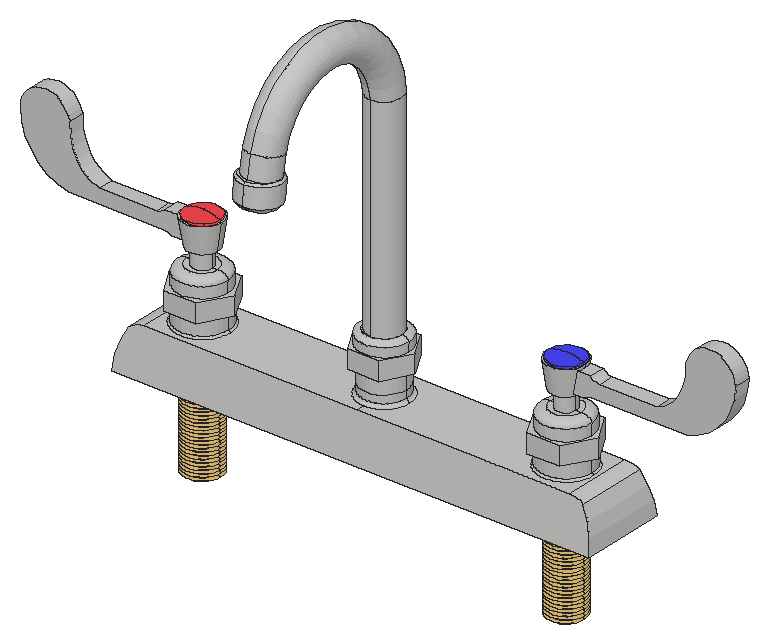
Revit family "15-525L-W-E2", category Specialty Equipment, Revit 2018
Family settings
  Round Connector Dimension = Use Diameter
  Part Type = Normal
  OmniClass Number = 23.45.05.14
  OmniClass Title = Plumbing Fixtures - Sanitary Washing Units
  Work Plane-Based = No
  Always vertical = Yes
  Cut with Voids When Loaded = No
  Shared = No
  Room Calculation Point = No
Parameters
  Plumbing Remarks = ""
  Plumbing Connection Type = ""
  Model = "15-525L-W-E2"
  Masterspec = ""
  Manufacturer = "Krowne Metal"
  Item Number = ""
  Inlet = 1/2"
  Hot Water Temperature = 100 °F
  Hot Water Size = 1/2"
  Hot Water RI Height = 0"
  Hot Water Flow = 0.5 GPM
  Hot Water Connection Height = 0"
  Description = "8\" Deck Mount Faucet with 3-1/2\" Wide Gooseneck Spout & Vandal Resistant Wrist Blades Handles"
  Cold Water Size = 1/2"
  Cold Water RI Height = 0"
  Cold Water Flow = 0.5 GPM
  Cold Water Connection Height = 0"
  Assembly Code = "D2010400"
Reference planes (in)
  plane 1 "Center (Front/Back)": y = 0
  plane 2: z = 0
  plane 3 "Center (Left/Right)": x = 0
  plane 4: x = 4
  plane 5: x = -4
  plane 6: y = -3.5
  plane 7: z = 8.75
  plane 8: z = -1.96837
  plane 9: z = 0.98419
  plane 10: z = 6.25
Forms (in)
  Revolve 1, solid, material "Metal- Brass-Chrome Plated Brass"
    sketch origin (0, 0, 0) x (1, 0, 0) y (0, 0, 1)
      loop
        line (-4.40555, 0) -> (-4.40555, -0.07126) -> (-4.34472, -0.10694) -> (-4.4068, -0.14263) -> (-4.34454, -0.17829) -> (-4.40653, -0.21416) -> (-4.34468, -0.24977) -> (-4.4063, -0.28542) -> (-4.34472, -0.32111) -> (-4.40653, -0.35696) -> (-4.34444, -0.39251) -> (-4.40655, -0.42833) -> (-4.3436, -0.46332) -> (-4.40555, -0.49916) -> (-4.34444, -0.53553) -> (-4.40555, -0.57083) -> (-4.34491, -0.60683) -> (-4.40679, -0.64264) -> (-4.34468, -0.67837) -> (-4.40629, -0.71402) -> (-4.34444, -0.74974) -> (-4.40612, -0.78527) -> (-4.34472, -0.82111) -> (-4.40653, -0.85696) -> (-4.34444, -0.89251) -> (-4.40634, -0.92821) -> (-4.34361, -0.96333) -> (-4.40652, -0.99973) -> (-4.34444, -1.03528) -> (-4.4061, -1.07083) -> (-4.3436, -1.10609) -> (-4.40652, -1.14249) -> (-4.34472, -1.17834) -> (-4.40653, -1.21389) -> (-4.34444, -1.24972) -> (-4.40677, -1.28542) -> (-4.34472, -1.32111) -> (-4.40555, -1.35608) -> (-4.34444, -1.39251) -> (-4.40629, -1.42818) -> (-4.34472, -1.46391) -> (-4.40677, -1.49958) -> (-4.34465, -1.53532) -> (-4.40607, -1.57086) -> (-4.34472, -1.60668) -> (-4.40653, -1.64249) -> (-4.34465, -1.67811) -> (-4.40555, -1.71445) -> (-4.34444, -1.74944) -> (-4.40653, -1.78529) -> (-4.34444, -1.82084) -> (-4.40555, -1.85609) -> (-4.34444, -1.89224) -> (-4.40629, -1.92819) -> (-4.33703, -1.96837) -> (-4, -1.96837) -> (-4, 0) -> (-4.40555, 0)
      axis (-4, 0) -> (-4, -1.96837)
    angle from 0 to 360
  Revolve 2, solid, material "Metal- Brass-Chrome Plated Brass"
    sketch origin (4, 0, 0) x (1, 0, 0) y (0, 0, 1)
      loop
        line (-0.40555, 0) -> (-0.40555, -0.07126) -> (-0.34472, -0.10694) -> (-0.4068, -0.14263) -> (-0.34454, -0.17829) -> (-0.40653, -0.21416) -> (-0.34468, -0.24977) -> (-0.4063, -0.28542) -> (-0.34472, -0.32111) -> (-0.40653, -0.35696) -> (-0.34444, -0.39251) -> (-0.40655, -0.42833) -> (-0.3436, -0.46332) -> (-0.40555, -0.49916) -> (-0.34444, -0.53553) -> (-0.40555, -0.57083) -> (-0.34491, -0.60683) -> (-0.40679, -0.64264) -> (-0.34468, -0.67837) -> (-0.40629, -0.71402) -> (-0.34444, -0.74974) -> (-0.40612, -0.78527) -> (-0.34472, -0.82111) -> (-0.40653, -0.85696) -> (-0.34444, -0.89251) -> (-0.40634, -0.92821) -> (-0.34361, -0.96333) -> (-0.40652, -0.99973) -> (-0.34444, -1.03528) -> (-0.4061, -1.07083) -> (-0.3436, -1.10609) -> (-0.40652, -1.14249) -> (-0.34472, -1.17834) -> (-0.40653, -1.21389) -> (-0.34444, -1.24972) -> (-0.40677, -1.28542) -> (-0.34472, -1.32111) -> (-0.40555, -1.35608) -> (-0.34444, -1.39251) -> (-0.40629, -1.42818) -> (-0.34472, -1.46391) -> (-0.40677, -1.49958) -> (-0.34465, -1.53532) -> (-0.40607, -1.57086) -> (-0.34472, -1.60668) -> (-0.40653, -1.64249) -> (-0.34465, -1.67811) -> (-0.40555, -1.71445) -> (-0.34444, -1.74944) -> (-0.40653, -1.78529) -> (-0.34444, -1.82084) -> (-0.40555, -1.85609) -> (-0.34444, -1.89224) -> (-0.40629, -1.92819) -> (-0.33703, -1.96837) -> (0, -1.96837) -> (0, 0) -> (-0.40555, 0)
      axis (0, 0) -> (0, -1.96837)
    angle from 0 to 360
  Extrusion 3, solid, material "Metal_Finishes_Stainless Steel"
    sketch origin (0, 0, 0) x (1, 0, 0) y (0, 0, 1)
      loop
        line (0, 0.98419) -> (-4.69377, 0.98419)
        arc (-4.69377, 0.98419) -> (-4.85529, 0.95584) -> (-4.99752, 0.8742) r 0.47444
        arc (-4.99752, 0.8742) -> (-5.18387, 0.45458) -> (-5.24843, 0) r 1.66377
        line (-5.24843, 0) -> (5.24843, 0)
        arc (5.24843, 0) -> (5.18387, 0.45458) -> (4.99752, 0.8742) r 1.66377
        arc (4.99752, 0.8742) -> (4.85529, 0.95584) -> (4.69377, 0.98419) r 0.47444
        line (4.69377, 0.98419) -> (0, 0.98419)
    from -1.01563 to 1.01558
  Extrusion 4, void
    sketch origin (0, 0, 0) x (0, 1, 0) y (0, 0, 1)
      loop
        line (1.09507, 1.02222) -> (0.75, 1.02222) -> (0.9487, 0) -> (1.09507, 0) -> (1.09507, 1.02222)
    from -5.39808 to 5.54065
  Extrusion 5, void
    sketch origin (0, 0, 0) x (0, -1, 0) y (0, 0, -1)
      loop
        line (1.09507, -1.02222) -> (1.09507, 0) -> (0.9487, 0) -> (0.75, -1.02222) -> (1.09507, -1.02222)
    from -5.39808 to 5.54065
  Revolve 6, solid, material "Plastic-Brass-Red"
    sketch origin (0, 0, -2.98419) x (1, 0, 0) y (0, 0, 1)
      loop
        arc (-4, 6.19357) -> (-4.19737, 6.17313) -> (-4.38369, 6.10491) r 0.80293
        line (-4.38369, 6.10491) -> (-4.38369, 6.06972) -> (-4, 6.06972) -> (-4, 6.19357)
      axis (-4, 6.19357) -> (-4, 6.06972)
    angle from 0 to 360
  Revolve 7, solid, material "Plastic-Brass-Blue"
    sketch origin (0, 0, -2.98419) x (-1, 0, 0) y (0, 0, 1)
      loop
        arc (-4, 6.19357) -> (-4.19737, 6.17313) -> (-4.38369, 6.10491) r 0.80293
        line (-4.38369, 6.10491) -> (-4.38369, 6.06972) -> (-4, 6.06972) -> (-4, 6.19357)
      axis (-4, 6.19357) -> (-4, 6.06972)
    angle from 0 to 360
  Revolve 8, solid, material "Metal_Finishes_Stainless Steel"
    sketch origin (0, -0.50849, 0.18737) x (0, 0.996195, -0.087156) y (0, 0.087156, 0.996195)
      loop
        line (-3.01033, 6.289) -> (-3.05887, 6.32973) -> (-3.46402, 6.36135) -> (-3.46402, 5.76825) -> (-3.10188, 5.76825) -> (-3.01033, 5.85981) -> (-3.01033, 6.289)
      axis (-3.46402, 6.36135) -> (-3.46402, 5.76825)
    angle from 0 to 360
  Sweep 9, solid, material "Metal_Finishes_Stainless Steel"
    path origin (0, 0, 0) x (0, 1, 0) y (0, 0, 1)
      loop
        line (-0.00003, 2.18403) -> (-0.00003, 6.93701)
        arc (-0.00003, 6.93701) -> (-1.52535, 8.49381) -> (-3.30301, 7.23279) r 1.67906
        line (-3.30301, 7.23279) -> (-3.43324, 6.49418)
    profile origin (0, -0.00003, 4.56052) x (0, -1, 0) y (1, 0, 0)
      loop
        circle (0, 0) r 0.37375
  Extrusion 10, void
    sketch origin (0, -0.51436, -0.28078) x (1, 0, 0) y (0, 0.996195, -0.087156)
      loop
        circle (0, -3.5) r 0.34361
      loop
        circle (0, -3.22992) r 0.04564
      loop
        circle (0.13088, -3.2517) r 0.04564
      loop
        circle (-0.13088, -3.2517) r 0.04564
      loop
        circle (0, -3.33823) r 0.04564
      loop
        circle (0.13088, -3.36002) r 0.04564
      loop
        circle (-0.12307, -3.38345) r 0.04564
      loop
        circle (0, -3.45442) r 0.04564
      loop
        circle (0.06838, -3.56214) r 0.04564
      loop
        circle (-0.1387, -3.49964) r 0.04564
      loop
        circle (-0.2115, -3.31347) r 0.04564
      loop
        circle (-0.25424, -3.4309) r 0.04564
      loop
        circle (0.24203, -3.36997) r 0.04564
      loop
        circle (0.23422, -3.49832) r 0.04564
      loop
        circle (0, -3.77008) r 0.04564
      loop
        circle (0.13088, -3.7483) r 0.04564
      loop
        circle (-0.13088, -3.7483) r 0.04564
      loop
        circle (0, -3.66177) r 0.04564
      loop
        circle (0.13088, -3.63998) r 0.04564
      loop
        circle (-0.13088, -3.60873) r 0.04564
      loop
        circle (-0.03906, -3.5573) r 0.04564
      loop
        circle (-0.2115, -3.68653) r 0.04564
      loop
        circle (-0.25424, -3.5691) r 0.04564
      loop
        circle (0.24203, -3.63003) r 0.04564
      loop
        circle (0.13088, -3.47286) r 0.04564
    from 6.23514 to 6.28724
  Extrusion 11, solid, material "Metal_Finishes_Stainless Steel"
    sketch origin (-2.2054, 0, -0.01544) x (1, 0, 0) y (0, 0, 1)
      loop
        line (-2.66818, 2.9566) -> (-3.93705, 2.9566)
        spline (-3.93705, 2.9566) -> (-4.04351, 3.00182) -> (-4.1397, 3.05603) -> (-4.22581, 3.11899) -> (-4.30203, 3.19043) -> (-4.36857, 3.27011) -> (-4.42561, 3.35776) -> (-4.47335, 3.45315) -> (-4.51197, 3.55601) -> (-4.54167, 3.6661) -> (-4.56265, 3.78315) -> (-4.5751, 3.90692) -> (-4.5792, 4.03716)
        arc (-4.5792, 4.03716) -> (-5.15856, 4.50162) -> (-5.66409, 3.95772) r 0.54535
        arc (-5.66409, 3.95772) -> (-5.36476, 3.11244) -> (-4.60018, 2.64391) r 1.34317
        line (-4.60018, 2.64391) -> (-2.50875, 2.64391)
        arc (-2.50875, 2.64391) -> (-2.41638, 2.62754) -> (-2.33526, 2.58042) r 0.2688
        line (-2.33526, 2.58042) -> (-2.03125, 2.58042) -> (-2.03125, 3.05157) -> (-2.47683, 3.05157)
        arc (-2.47683, 3.05157) -> (-2.56137, 2.98165) -> (-2.66818, 2.9566) r 0.24025
    from -0.17603 to 0.17603
  Extrusion 12, solid, material "Metal_Finishes_Stainless Steel"
    sketch origin (2.2054, 0, -0.01544) x (-1, 0, 0) y (0, 0, -1)
      loop
        arc (-2.66818, -2.9566) -> (-2.56137, -2.98165) -> (-2.47683, -3.05157) r 0.24025
        line (-2.47683, -3.05157) -> (-2.03125, -3.05157) -> (-2.03125, -2.58042) -> (-2.33526, -2.58042)
        arc (-2.33526, -2.58042) -> (-2.41638, -2.62754) -> (-2.50875, -2.64391) r 0.2688
        line (-2.50875, -2.64391) -> (-4.60018, -2.64391)
        arc (-4.60018, -2.64391) -> (-5.36476, -3.11244) -> (-5.66409, -3.95772) r 1.34317
        arc (-5.66409, -3.95772) -> (-5.15856, -4.50162) -> (-4.5792, -4.03716) r 0.54535
        spline (-4.5792, -4.03716) -> (-4.5751, -3.90692) -> (-4.56265, -3.78315) -> (-4.54167, -3.6661) -> (-4.51197, -3.55601) -> (-4.47335, -3.45315) -> (-4.42561, -3.35776) -> (-4.36857, -3.27011) -> (-4.30203, -3.19043) -> (-4.22581, -3.11899) -> (-4.1397, -3.05603) -> (-4.04351, -3.00182) -> (-3.93705, -2.9566)
        line (-3.93705, -2.9566) -> (-2.66818, -2.9566)
    from -0.17603 to 0.17603
  Revolve 13, solid, material "Metal_Finishes_Stainless Steel"
    sketch origin (-2, 0, 0) x (1, 0, 0) y (0, 0, 1)
      loop
        line (-2, 3.08554) -> (-2.42287, 3.08554) -> (-2.33455, 2.49612) -> (-2.21883, 2.49612) -> (-2.21883, 2.12584) -> (-2.3392, 2.12584)
        spline (-2.3392, 2.12584) -> (-2.37241, 2.12214) -> (-2.40292, 2.11706) -> (-2.43073, 2.11063) -> (-2.45584, 2.10282) -> (-2.47825, 2.09365) -> (-2.49796, 2.08312) -> (-2.51497, 2.07122) -> (-2.52927, 2.05796) -> (-2.54087, 2.04333) -> (-2.54978, 2.02733) -> (-2.55598, 2.00997) -> (-2.55948, 1.99125)
        line (-2.55948, 1.99125) -> (-2.55948, 1.75) -> (-2, 1.75) -> (-2, 3.08554)
      loop
        line (-2.61222, 0.98419) -> (-2, 0.98419) -> (-2, 1.34655) -> (-2.57277, 1.34655) -> (-2.57277, 1.02363)
        arc (-2.57277, 1.02363) -> (-2.58433, 0.99574) -> (-2.61222, 0.98419) r 0.03944
      axis (-2, 3.08554) -> (-2, 0.98419)
    angle from 0 to 360
  Extrusion 14, solid, material "Metal_Finishes_Stainless Steel"
    sketch origin (-2, 0, 0) x (1, 0, 0) y (0, 1, 0)
      loop
        line (-2.36036, 0.62417) -> (-2.72073, 0) -> (-2.36036, -0.62417) -> (-1.63964, -0.62417) -> (-1.27927, 0) -> (-1.63964, 0.62417) -> (-2.36036, 0.62417)
    from 1.34655 to 1.75
  Revolve 15, solid, material "Metal_Finishes_Stainless Steel"
    sketch origin (0, 0, 0) x (1, 0, 0) y (0, 0, 1)
      loop
        line (-0.54971, 2.18403) -> (-0.54971, 1.99528) -> (0, 1.99528) -> (0, 2.26625) -> (-0.39996, 2.26625)
        arc (-0.39996, 2.26625) -> (-0.48538, 2.24434) -> (-0.54971, 2.18403) r 0.17748
      loop
        line (-0.49237, 1.22403) -> (-0.49237, 1.05482)
        arc (-0.49237, 1.05482) -> (-0.51305, 1.00487) -> (-0.563, 0.98419) r 0.07063
        line (-0.563, 0.98419) -> (0, 0.98419) -> (0, 1.59162) -> (-0.49237, 1.59162) -> (-0.49237, 1.22403)
      axis (0, 2.26625) -> (0, 0.98419)
    angle from 0 to 360
  Extrusion 16, solid, material "Metal_Finishes_Stainless Steel"
    sketch origin (-2, 0, 0) x (-1, 0, 0) y (0, -1, 0)
      loop
        line (-1.66107, -0.58704) -> (-1.32215, 0) -> (-1.66107, 0.58704) -> (-2.33893, 0.58704) -> (-2.67785, 0) -> (-2.33893, -0.58704) -> (-1.66107, -0.58704)
    from 1.59162 to 1.99528
  Revolve 17, solid, material "Metal_Finishes_Stainless Steel"
    sketch origin (2, 0, 0) x (-1, 0, 0) y (0, 0, 1)
      loop
        line (-2, 3.08554) -> (-2.42287, 3.08554) -> (-2.33455, 2.49612) -> (-2.21883, 2.49612) -> (-2.21883, 2.12584) -> (-2.3392, 2.12584)
        spline (-2.3392, 2.12584) -> (-2.37241, 2.12214) -> (-2.40292, 2.11706) -> (-2.43073, 2.11063) -> (-2.45584, 2.10282) -> (-2.47825, 2.09365) -> (-2.49796, 2.08312) -> (-2.51497, 2.07122) -> (-2.52927, 2.05796) -> (-2.54087, 2.04333) -> (-2.54978, 2.02733) -> (-2.55598, 2.00997) -> (-2.55948, 1.99125)
        line (-2.55948, 1.99125) -> (-2.55948, 1.75) -> (-2, 1.75) -> (-2, 3.08554)
      loop
        line (-2.61222, 0.98419) -> (-2, 0.98419) -> (-2, 1.34655) -> (-2.57277, 1.34655) -> (-2.57277, 1.02363)
        arc (-2.57277, 1.02363) -> (-2.58433, 0.99574) -> (-2.61222, 0.98419) r 0.03944
      axis (-2, 3.08554) -> (-2, 0.98419)
    angle from 0 to 360
  Extrusion 18, solid, material "Metal_Finishes_Stainless Steel"
    sketch origin (2, 0, 0) x (-1, 0, 0) y (0, -1, 0)
      loop
        line (-2.36036, -0.62417) -> (-1.63964, -0.62417) -> (-1.27927, 0) -> (-1.63964, 0.62417) -> (-2.36036, 0.62417) -> (-2.72073, 0) -> (-2.36036, -0.62417)
    from 1.34655 to 1.75
Cuts and joins
  Extrusion 4, Extrusion 5 cuts Extrusion 3
  Extrusion 10 cuts Revolve 8
  joined: Extrusion 3, Revolve 8, Sweep 9, Extrusion 11, Extrusion 12, Revolve 13, Revolve 15, Extrusion 16, Revolve 17
Dimensions and locks (in)
  equal spacing: plane 5, plane 3 "Center (Left/Right)", plane 4
  plane 5 to plane 4 = 8"
  plane 1 "Center (Front/Back)" to plane 6 = 3 1/2"
  plane 2 to plane 7 = 8 3/4"
  plane 10 to plane 2 = 6 1/4"
  aligned and locked: level to plane 2
Automatic sketch dimensions
  Revolve 1 sketch curve to level = 0"
  Revolve 1 sketch curve to plane 8 = 0"
  plane 5 to Revolve 1 sketch curve = 0"  (x2)
  plane 5 to Revolve 1 sketch curve = 0.33703"
  plane 5 to Revolve 1 sketch curve = 0.3436"  (x2)
  Revolve 1 sketch curve to Revolve 1 sketch curve = 0"  (x5)
  Revolve 1 sketch curve to Revolve 1 sketch curve = 0.00084"  (x2)
  plane 8 to Revolve 1 sketch curve = 0.14753"
  Revolve 1 sketch curve to Revolve 1 sketch curve = 0.00741"
  plane 8 to Revolve 1 sketch curve = 0.07613"
  Revolve 1 sketch curve to Revolve 1 sketch curve = 0.00083"
  Revolve 1 sketch curve to Revolve 1 sketch curve = 0.00085"  (x2)
  Revolve 1 sketch curve to Revolve 1 sketch curve = 0.0001"
  Revolve 1 sketch curve to Revolve 1 sketch curve = 0.00021"  (x2)
  Revolve 1 sketch curve to Revolve 1 sketch curve = 0.00023"  (x2)
  Revolve 1 sketch curve to Revolve 1 sketch curve = 0.00014"
  Revolve 1 sketch curve to Revolve 1 sketch curve = 0.00028"  (x4)
  Revolve 1 sketch curve to Revolve 1 sketch curve = 0.00007"
  Revolve 1 sketch curve to Revolve 1 sketch curve = 0.00004"
  Revolve 1 sketch curve to level = 0.10694"
  Revolve 1 sketch curve to Revolve 1 sketch curve = 0.00019"  (x2)
  Revolve 1 sketch curve to Revolve 1 sketch curve = 0.00047"
  Revolve 1 sketch curve to Revolve 1 sketch curve = 0.06064"
  Revolve 1 sketch curve to Revolve 1 sketch curve = 0.06083"  (x2)
  plane 8 to Revolve 1 sketch curve = 0.11228"
  Revolve 1 sketch curve to Revolve 1 sketch curve = 0.06111"  (x3)
  Revolve 1 sketch curve to Revolve 1 sketch curve = 0.06142"
  Revolve 1 sketch curve to Revolve 1 sketch curve = 0.06165"
  Revolve 1 sketch curve to Revolve 1 sketch curve = 0.0614"
  Revolve 1 sketch curve to Revolve 1 sketch curve = 0.06161"
  Revolve 1 sketch curve to Revolve 1 sketch curve = 0.06157"
  plane 8 to Revolve 1 sketch curve = 0.04018"
  Revolve 1 sketch curve to Revolve 1 sketch curve = 0.06185"
  Revolve 1 sketch curve to Revolve 1 sketch curve = 0.06158"
  Revolve 1 sketch curve to Revolve 1 sketch curve = 0.0619"
  Revolve 1 sketch curve to Revolve 1 sketch curve = 0.00043"
  Revolve 1 sketch curve to Revolve 1 sketch curve = 0.0618"
  Revolve 1 sketch curve to Revolve 1 sketch curve = 0.06188"
  Revolve 1 sketch curve to Revolve 1 sketch curve = 0.06181"  (x2)
  plane 8 to Revolve 1 sketch curve = 0.18308"
  Revolve 1 sketch curve to Revolve 1 sketch curve = 0.00098"
  Revolve 1 sketch curve to Revolve 1 sketch curve = 0.001"
  Revolve 1 sketch curve to Revolve 1 sketch curve = 0.00122"
  Revolve 1 sketch curve to Revolve 1 sketch curve = 0.0007"
  Revolve 1 sketch curve to Revolve 1 sketch curve = 0.0005"
  Revolve 1 sketch curve to level = 0.14263"
  Revolve 1 sketch curve to Revolve 1 sketch curve = 0.00125"
  Revolve 1 sketch curve to Revolve 1 sketch curve = 0.0714"  (x4)
  Revolve 1 sketch curve to Revolve 1 sketch curve = 0.03499"
  Revolve 1 sketch curve to Revolve 1 sketch curve = 0.03634"
  Revolve 1 sketch curve to Revolve 1 sketch curve = 0.03562"
  Revolve 1 sketch curve to Revolve 1 sketch curve = 0.07143"
  Revolve 1 sketch curve to Revolve 1 sketch curve = 0.03582"
  Revolve 1 sketch curve to Revolve 1 sketch curve = 0.03554"  (x2)
  Revolve 1 sketch curve to Revolve 1 sketch curve = 0.07127"  (x2)
  Revolve 1 sketch curve to Revolve 1 sketch curve = 0.07141"
  Revolve 1 sketch curve to Revolve 1 sketch curve = 0.03573"
  Revolve 1 sketch curve to Revolve 1 sketch curve = 0.03567"
  Revolve 1 sketch curve to Revolve 1 sketch curve = 0.03643"
  Revolve 1 sketch curve to Revolve 1 sketch curve = 0.03497"
  Revolve 1 sketch curve to Revolve 1 sketch curve = 0.07067"
  Revolve 1 sketch curve to Revolve 1 sketch curve = 0.07139"
  Revolve 1 sketch curve to Revolve 1 sketch curve = 0.07153"
  Revolve 1 sketch curve to Revolve 1 sketch curve = 0.07226"
  Revolve 1 sketch curve to Revolve 1 sketch curve = 0.07165"
  Revolve 1 sketch curve to Revolve 1 sketch curve = 0.07081"  (x2)
  Revolve 1 sketch curve to Revolve 1 sketch curve = 0.07111"
  Revolve 1 sketch curve to Revolve 1 sketch curve = 0.07195"
  Revolve 1 sketch curve to Revolve 1 sketch curve = 0.07151"
  Revolve 1 sketch curve to Revolve 1 sketch curve = 0.07082"
  Revolve 1 sketch curve to Revolve 1 sketch curve = 0.07126"
  Revolve 1 sketch curve to Revolve 1 sketch curve = 0.03584"  (x2)
  Revolve 1 sketch curve to Revolve 1 sketch curve = 0.03553"
  Revolve 1 sketch curve to Revolve 1 sketch curve = 0.07125"
  Revolve 1 sketch curve to Revolve 1 sketch curve = 0.03565"
  Revolve 1 sketch curve to Revolve 1 sketch curve = 0.07138"  (x2)
  Revolve 1 sketch curve to Revolve 1 sketch curve = 0.03581"
  Revolve 1 sketch curve to Revolve 1 sketch curve = 0.03601"
  Revolve 1 sketch curve to Revolve 1 sketch curve = 0.0353"
  Revolve 1 sketch curve to Revolve 1 sketch curve = 0.03637"
  Revolve 1 sketch curve to Revolve 1 sketch curve = 0.07083"
  Revolve 1 sketch curve to Revolve 1 sketch curve = 0.03568"  (x2)
  Revolve 1 sketch curve to Revolve 1 sketch curve = 0.03566"
  Revolve 1 sketch curve to Revolve 1 sketch curve = 0.07135"
  Revolve 1 sketch curve to level = 0.26456"
  Revolve 1 sketch curve to level = 0.05033"
  Revolve 2 sketch curve to level = 0"
  Revolve 2 sketch curve to plane 8 = 0"
  Revolve 2 sketch curve to plane 4 = 0"  (x2)
  Revolve 2 sketch curve to plane 4 = 0.33703"
  Revolve 2 sketch curve to plane 4 = 0.3436"  (x2)
  Revolve 2 sketch curve to Revolve 2 sketch curve = 0"  (x5)
  Revolve 2 sketch curve to Revolve 2 sketch curve = 0.00084"  (x2)
  plane 8 to Revolve 2 sketch curve = 0.14753"
  Revolve 2 sketch curve to Revolve 2 sketch curve = 0.00741"
  plane 8 to Revolve 2 sketch curve = 0.07613"
  Revolve 2 sketch curve to Revolve 2 sketch curve = 0.00083"
  Revolve 2 sketch curve to Revolve 2 sketch curve = 0.00085"  (x2)
  Revolve 2 sketch curve to Revolve 2 sketch curve = 0.0001"
  Revolve 2 sketch curve to Revolve 2 sketch curve = 0.00021"  (x2)
  Revolve 2 sketch curve to Revolve 2 sketch curve = 0.00023"  (x2)
  Revolve 2 sketch curve to Revolve 2 sketch curve = 0.00014"
  Revolve 2 sketch curve to Revolve 2 sketch curve = 0.00028"  (x4)
  Revolve 2 sketch curve to Revolve 2 sketch curve = 0.00007"
  Revolve 2 sketch curve to Revolve 2 sketch curve = 0.00004"
  Revolve 2 sketch curve to level = 0.10694"
  Revolve 2 sketch curve to Revolve 2 sketch curve = 0.00019"  (x2)
  Revolve 2 sketch curve to Revolve 2 sketch curve = 0.00047"
  Revolve 2 sketch curve to Revolve 2 sketch curve = 0.06064"
  Revolve 2 sketch curve to Revolve 2 sketch curve = 0.06083"  (x2)
  plane 8 to Revolve 2 sketch curve = 0.11228"
  Revolve 2 sketch curve to Revolve 2 sketch curve = 0.06111"  (x3)
  Revolve 2 sketch curve to Revolve 2 sketch curve = 0.06142"
  Revolve 2 sketch curve to Revolve 2 sketch curve = 0.06165"
  Revolve 2 sketch curve to Revolve 2 sketch curve = 0.0614"
  Revolve 2 sketch curve to Revolve 2 sketch curve = 0.06161"
  Revolve 2 sketch curve to Revolve 2 sketch curve = 0.06157"
  plane 8 to Revolve 2 sketch curve = 0.04018"
  Revolve 2 sketch curve to Revolve 2 sketch curve = 0.06185"
  Revolve 2 sketch curve to Revolve 2 sketch curve = 0.06158"
  Revolve 2 sketch curve to Revolve 2 sketch curve = 0.0619"
  Revolve 2 sketch curve to Revolve 2 sketch curve = 0.00043"
  Revolve 2 sketch curve to Revolve 2 sketch curve = 0.0618"
  Revolve 2 sketch curve to Revolve 2 sketch curve = 0.06188"
  Revolve 2 sketch curve to Revolve 2 sketch curve = 0.06181"  (x2)
  plane 8 to Revolve 2 sketch curve = 0.18308"
  Revolve 2 sketch curve to Revolve 2 sketch curve = 0.00098"
  Revolve 2 sketch curve to Revolve 2 sketch curve = 0.001"
  Revolve 2 sketch curve to Revolve 2 sketch curve = 0.00122"
  Revolve 2 sketch curve to Revolve 2 sketch curve = 0.0007"
  Revolve 2 sketch curve to Revolve 2 sketch curve = 0.0005"
  Revolve 2 sketch curve to level = 0.14263"
  Revolve 2 sketch curve to Revolve 2 sketch curve = 0.00125"
  Revolve 2 sketch curve to Revolve 2 sketch curve = 0.0714"  (x4)
  Revolve 2 sketch curve to Revolve 2 sketch curve = 0.03499"
  Revolve 2 sketch curve to Revolve 2 sketch curve = 0.03634"
  Revolve 2 sketch curve to Revolve 2 sketch curve = 0.03562"
  Revolve 2 sketch curve to Revolve 2 sketch curve = 0.07143"
  Revolve 2 sketch curve to Revolve 2 sketch curve = 0.03582"
  Revolve 2 sketch curve to Revolve 2 sketch curve = 0.03554"  (x2)
  Revolve 2 sketch curve to Revolve 2 sketch curve = 0.07127"  (x2)
  Revolve 2 sketch curve to Revolve 2 sketch curve = 0.07141"
  Revolve 2 sketch curve to Revolve 2 sketch curve = 0.03573"
  Revolve 2 sketch curve to Revolve 2 sketch curve = 0.03567"
  Revolve 2 sketch curve to Revolve 2 sketch curve = 0.03643"
  Revolve 2 sketch curve to Revolve 2 sketch curve = 0.03497"
  Revolve 2 sketch curve to Revolve 2 sketch curve = 0.07067"
  Revolve 2 sketch curve to Revolve 2 sketch curve = 0.07139"
  Revolve 2 sketch curve to Revolve 2 sketch curve = 0.07153"
  Revolve 2 sketch curve to Revolve 2 sketch curve = 0.07226"
  Revolve 2 sketch curve to Revolve 2 sketch curve = 0.07165"
  Revolve 2 sketch curve to Revolve 2 sketch curve = 0.07081"  (x2)
  Revolve 2 sketch curve to Revolve 2 sketch curve = 0.07111"
  Revolve 2 sketch curve to Revolve 2 sketch curve = 0.07195"
  Revolve 2 sketch curve to Revolve 2 sketch curve = 0.07151"
  Revolve 2 sketch curve to Revolve 2 sketch curve = 0.07082"
  Revolve 2 sketch curve to Revolve 2 sketch curve = 0.07126"
  Revolve 2 sketch curve to Revolve 2 sketch curve = 0.03584"  (x2)
  Revolve 2 sketch curve to Revolve 2 sketch curve = 0.03553"
  Revolve 2 sketch curve to Revolve 2 sketch curve = 0.07125"
  Revolve 2 sketch curve to Revolve 2 sketch curve = 0.03565"
  Revolve 2 sketch curve to Revolve 2 sketch curve = 0.07138"  (x2)
  Revolve 2 sketch curve to Revolve 2 sketch curve = 0.03581"
  Revolve 2 sketch curve to Revolve 2 sketch curve = 0.03601"
  Revolve 2 sketch curve to Revolve 2 sketch curve = 0.0353"
  Revolve 2 sketch curve to Revolve 2 sketch curve = 0.03637"
  Revolve 2 sketch curve to Revolve 2 sketch curve = 0.07083"
  Revolve 2 sketch curve to Revolve 2 sketch curve = 0.03568"  (x2)
  Revolve 2 sketch curve to Revolve 2 sketch curve = 0.03566"
  Revolve 2 sketch curve to Revolve 2 sketch curve = 0.07135"
  Revolve 2 sketch curve to Revolve 2 sketch curve = 0.26456"
  Revolve 2 sketch curve to Revolve 2 sketch curve = 0.05033"
  Extrusion 3 sketch curve to level = 0"
  Extrusion 3 sketch curve to plane 9 = 0"
  Extrusion 3 sketch curve to plane 3 "Center (Left/Right)" = 0"
  Extrusion 3 sketch curve to level = 0.00442"  (x2)
  Extrusion 3 sketch curve to plane 5 = 0.41534"
  plane 5 to Extrusion 3 sketch curve = 0.69377"
  Extrusion 3 sketch curve to Extrusion 3 sketch curve = 0.55466"  (x2)
  Extrusion 3 sketch curve to plane 4 = 0.41534"
  plane 4 to Extrusion 3 sketch curve = 0.69377"
  Extrusion 3 sketch curve to Extrusion 3 sketch curve = 0.47444"  (x2)
  Extrusion 4 sketch curve to level = 0"
  Extrusion 4 sketch curve to plane 9 = 0.03803"
  Extrusion 4 sketch curve to plane 1 "Center (Front/Back)" = 3/4"
  Extrusion 4 sketch curve to plane 1 "Center (Front/Back)" = 0.9487"
  Extrusion 4 sketch curve to Extrusion 4 sketch curve = 0.34507"
  Extrusion 5 sketch curve to level = 0"
  plane 9 to Extrusion 5 sketch curve = 0.03803"
  Extrusion 5 sketch curve to plane 1 "Center (Front/Back)" = 3/4"
  Extrusion 5 sketch curve to plane 1 "Center (Front/Back)" = 0.9487"
  Extrusion 5 sketch curve to Extrusion 5 sketch curve = 0.34507"
  plane 5 to Revolve 6 sketch curve = 0"  (x2)
  plane 5 to Revolve 6 sketch curve = 0.0166"
  plane 5 to Revolve 6 sketch curve = 0.38369"
  Revolve 6 sketch curve to plane 9 = 1.42244"
  Revolve 6 sketch curve to Revolve 6 sketch curve = 0.67891"
  Revolve 6 sketch curve to Revolve 6 sketch curve = 0.03519"
  Revolve 6 sketch curve to Revolve 6 sketch curve = 0.04662"
  Revolve 6 sketch curve to Revolve 6 sketch curve = 0"
  Revolve 7 sketch curve to plane 4 = 0"  (x2)
  Revolve 7 sketch curve to plane 4 = 0.0166"
  Revolve 7 sketch curve to Revolve 7 sketch curve = 0.38369"
  plane 9 to Revolve 7 sketch curve = 1.42244"
  Revolve 7 sketch curve to Revolve 7 sketch curve = 0.67891"
  Revolve 7 sketch curve to Revolve 7 sketch curve = 0.03519"
  Revolve 7 sketch curve to Revolve 7 sketch curve = 0.04662"
  Revolve 7 sketch curve to Revolve 7 sketch curve = 0"
  Revolve 8 sketch curve to plane 10 = 0.01442"
  plane 6 to Revolve 8 sketch curve = 0.04341"
  Revolve 8 sketch curve to Revolve 8 sketch curve = 0.36214"
  Revolve 8 sketch curve to Revolve 8 sketch curve = 0.40515"
  Revolve 8 sketch curve to Revolve 8 sketch curve = 0.09155"  (x2)
  Revolve 8 sketch curve to Revolve 8 sketch curve = 0.42919"
  Revolve 8 sketch curve to Revolve 8 sketch curve = 0.04073"
  Revolve 8 sketch curve to Revolve 8 sketch curve = 0.03162"
  Revolve 8 sketch curve to Revolve 8 sketch curve = 0"
  Revolve 8 sketch curve to Revolve 8 sketch curve = 0.109"
  Revolve 8 sketch curve to Revolve 8 sketch curve = 0.11406"
  plane 6 to Sweep 9 sketch curve = 0.19699"
  plane 10 to Sweep 9 sketch curve = 0.57144"
  plane 1 "Center (Front/Back)" to Sweep 9 sketch curve = 1.67511"
  plane 1 "Center (Front/Back)" to Sweep 9 sketch curve = 0.00003"
  plane 10 to Sweep 9 sketch curve = 0.68701"
  plane 6 to Sweep 9 sketch curve = 0.06676"
  plane 10 to Sweep 9 sketch curve = 0.24418"
  Sweep 9 sketch curve to plane 9 = 1.19984"
  Sweep 9 sketch curve to plane 3 "Center (Left/Right)" = 0"
  Sweep 9 sketch curve to profile plane = 0"
  Extrusion 10 sketch curve to plane 3 "Center (Left/Right)" = 0"  (x6)
  Extrusion 10 sketch curve to plane 3 "Center (Left/Right)" = 5/128"
  Extrusion 10 sketch curve to plane 3 "Center (Left/Right)" = 0.12307"
  Extrusion 10 sketch curve to plane 3 "Center (Left/Right)" = 0.13088"  (x2)
  Extrusion 10 sketch curve to Extrusion 10 sketch curve = 0.09182"
  Extrusion 10 sketch curve to Extrusion 10 sketch curve = 1/128"
  Extrusion 10 sketch curve to Extrusion 10 sketch curve = 0.08062"  (x2)
  Extrusion 10 sketch curve to Extrusion 10 sketch curve = 0.04274"  (x2)
  plane 3 "Center (Left/Right)" to Extrusion 10 sketch curve = 0.06838"
  Extrusion 10 sketch curve to Extrusion 10 sketch curve = 1/16"  (x2)
  plane 3 "Center (Left/Right)" to Extrusion 10 sketch curve = 0.13088"
  Extrusion 10 sketch curve to Extrusion 10 sketch curve = 0"  (x2)
  Extrusion 10 sketch curve to Extrusion 10 sketch curve = 0.10333"
  Extrusion 10 sketch curve to Extrusion 10 sketch curve = 0.11115"  (x2)
  Extrusion 10 sketch curve to Extrusion 10 sketch curve = 0.02179"  (x2)
  Extrusion 10 sketch curve to Extrusion 10 sketch curve = 0.06177"  (x2)
  Extrusion 10 sketch curve to Extrusion 10 sketch curve = 0.10831"  (x4)
  Extrusion 10 sketch curve to Extrusion 10 sketch curve = 0.00995"  (x2)
  Extrusion 10 sketch curve to Extrusion 10 sketch curve = 0.0778"
  Extrusion 10 sketch curve to Extrusion 10 sketch curve = 0.11743"
  Extrusion 10 sketch curve to Extrusion 10 sketch curve = 0.07784"
  Extrusion 10 sketch curve to Extrusion 10 sketch curve = 0.05143"
  Extrusion 10 sketch curve to Extrusion 10 sketch curve = 0.0573"
  Extrusion 10 sketch curve to Extrusion 10 sketch curve = 0.10909"
  Extrusion 10 sketch curve to Extrusion 10 sketch curve = 0.13171"
  Extrusion 10 sketch curve to Extrusion 10 sketch curve = 0.02546"
  Extrusion 10 sketch curve to Extrusion 10 sketch curve = 0.04558"
  Extrusion 10 sketch curve to Extrusion 10 sketch curve = 0.06874"
  Extrusion 10 sketch curve to Extrusion 10 sketch curve = 0.11619"  (x2)
  Extrusion 10 sketch curve to Extrusion 10 sketch curve = 0.12835"
  Extrusion 10 sketch curve to Extrusion 10 sketch curve = 0.06998"
  plane 5 to Extrusion 11 sketch curve = 3.32414"
  Extrusion 11 sketch curve to Extrusion 11 sketch curve = 0.51856"
  Extrusion 11 sketch curve to Extrusion 11 sketch curve = 0.53953"
  Extrusion 11 sketch curve to Extrusion 11 sketch curve = 0.25828"
  Extrusion 11 sketch curve to Extrusion 11 sketch curve = 0.66313"
  plane 5 to Extrusion 11 sketch curve = 0.87358"
  Extrusion 11 sketch curve to Extrusion 11 sketch curve = 0.15943"
  Extrusion 11 sketch curve to Extrusion 11 sketch curve = 0.19135"
  Extrusion 11 sketch curve to Extrusion 11 sketch curve = 0.17349"
  plane 5 to Extrusion 11 sketch curve = 0.23665"
  Extrusion 11 sketch curve to plane 9 = 1.37548"
  Extrusion 11 sketch curve to Extrusion 11 sketch curve = 0.20532"
  Extrusion 11 sketch curve to Extrusion 11 sketch curve = 0.31269"
  Extrusion 11 sketch curve to Extrusion 11 sketch curve = 0.47114"
  Extrusion 11 sketch curve to Extrusion 11 sketch curve = 1.00113"
  Extrusion 11 sketch curve to Extrusion 11 sketch curve = 0.07943"
  plane 4 to Extrusion 12 sketch curve = 3.32414"
  Extrusion 12 sketch curve to Extrusion 12 sketch curve = 0.51856"
  Extrusion 12 sketch curve to Extrusion 12 sketch curve = 0.53953"
  Extrusion 12 sketch curve to Extrusion 12 sketch curve = 0.25828"
  Extrusion 12 sketch curve to Extrusion 12 sketch curve = 0.66313"
  plane 4 to Extrusion 12 sketch curve = 0.87358"
  Extrusion 12 sketch curve to Extrusion 12 sketch curve = 0.15943"
  Extrusion 12 sketch curve to Extrusion 12 sketch curve = 0.19135"
  Extrusion 12 sketch curve to Extrusion 12 sketch curve = 0.17349"
  plane 4 to Extrusion 12 sketch curve = 0.23665"
  Extrusion 12 sketch curve to plane 10 = 2.22829"
  Extrusion 12 sketch curve to Extrusion 12 sketch curve = 0.07943"
  Extrusion 12 sketch curve to Extrusion 12 sketch curve = 0.76088"
  Extrusion 12 sketch curve to Extrusion 12 sketch curve = 0.14528"
  Extrusion 12 sketch curve to Extrusion 12 sketch curve = 0.31269"
  Extrusion 12 sketch curve to Extrusion 12 sketch curve = 0.06348"
  Revolve 13 sketch curve to plane 9 = 0"
  plane 5 to Revolve 13 sketch curve = 0"  (x3)
  plane 5 to Revolve 13 sketch curve = 0.21883"
  Revolve 13 sketch curve to Revolve 13 sketch curve = 0.11572"
  Revolve 13 sketch curve to Revolve 13 sketch curve = 0.12037"
  plane 5 to Revolve 13 sketch curve = 0.42287"
  Revolve 13 sketch curve to Revolve 13 sketch curve = 0.22028"
  Revolve 13 sketch curve to Revolve 13 sketch curve = 0.01329"
  Revolve 13 sketch curve to Revolve 13 sketch curve = 0.03944"
  Revolve 13 sketch curve to Revolve 13 sketch curve = 0.32292"
  Revolve 13 sketch curve to Revolve 13 sketch curve = 0.40345"
  Revolve 13 sketch curve to Revolve 13 sketch curve = 0.24125"
  Revolve 13 sketch curve to Revolve 13 sketch curve = 0.13459"
  Revolve 13 sketch curve to Revolve 13 sketch curve = 0.37028"
  Revolve 13 sketch curve to Revolve 13 sketch curve = 0.58942"
  Revolve 13 sketch curve to Revolve 13 sketch curve = 0.09098"
  Revolve 13 sketch curve to Revolve 13 sketch curve = 0"
  plane 1 "Center (Front/Back)" to Extrusion 14 sketch curve = 0"  (x2)
  plane 5 to Extrusion 14 sketch curve = 0.72073"
  plane 5 to Extrusion 14 sketch curve = 0.36036"  (x2)
  Extrusion 14 sketch curve to plane 5 = 0.36036"  (x2)
  Extrusion 14 sketch curve to Extrusion 14 sketch curve = 0.36036"
  plane 1 "Center (Front/Back)" to Extrusion 14 sketch curve = 0.62417"
  Extrusion 14 sketch curve to plane 1 "Center (Front/Back)" = 0.62417"
  Revolve 15 sketch curve to plane 9 = 0"
  Revolve 15 sketch curve to plane 3 "Center (Left/Right)" = 0"  (x3)
  Revolve 15 sketch curve to plane 3 "Center (Left/Right)" = 0.39996"
  Revolve 15 sketch curve to plane 9 = 0.23984"
  Revolve 15 sketch curve to plane 3 "Center (Left/Right)" = 0.49237"
  Revolve 15 sketch curve to Revolve 15 sketch curve = 0.14975"
  Revolve 15 sketch curve to Revolve 15 sketch curve = 0.07063"
  Revolve 15 sketch curve to plane 9 = 0.60743"
  Revolve 15 sketch curve to Revolve 15 sketch curve = 0.40366"
  Revolve 15 sketch curve to Revolve 15 sketch curve = 0.09349"
  Revolve 15 sketch curve to Revolve 15 sketch curve = 0.09526"
  Revolve 15 sketch curve to Revolve 15 sketch curve = 3/32"
  Revolve 15 sketch curve to Revolve 15 sketch curve = 0.06154"
  plane 1 "Center (Front/Back)" to Extrusion 16 sketch curve = 0"  (x2)
  Extrusion 16 sketch curve to plane 3 "Center (Left/Right)" = 0.67785"
  Extrusion 16 sketch curve to plane 3 "Center (Left/Right)" = 0.33893"  (x2)
  plane 3 "Center (Left/Right)" to Extrusion 16 sketch curve = 0.33893"  (x2)
  plane 3 "Center (Left/Right)" to Extrusion 16 sketch curve = 0.67785"
  Extrusion 16 sketch curve to plane 1 "Center (Front/Back)" = 0.58704"
  plane 1 "Center (Front/Back)" to Extrusion 16 sketch curve = 0.58704"
  Revolve 17 sketch curve to plane 9 = 0"
  Revolve 17 sketch curve to plane 4 = 0"  (x3)
  Revolve 17 sketch curve to Revolve 17 sketch curve = 0.21883"
  Revolve 17 sketch curve to Revolve 17 sketch curve = 0.11572"
  Revolve 17 sketch curve to Revolve 17 sketch curve = 0.12037"
  Revolve 17 sketch curve to Revolve 17 sketch curve = 0.42287"
  Revolve 17 sketch curve to Revolve 17 sketch curve = 0.22028"
  Revolve 17 sketch curve to Revolve 17 sketch curve = 0.01329"
  Revolve 17 sketch curve to Revolve 17 sketch curve = 0.03944"
  Revolve 17 sketch curve to Revolve 17 sketch curve = 0.32292"
  Revolve 17 sketch curve to Revolve 17 sketch curve = 0.40345"
  Revolve 17 sketch curve to Revolve 17 sketch curve = 0.24125"
  Revolve 17 sketch curve to Revolve 17 sketch curve = 0.13459"
  Revolve 17 sketch curve to Revolve 17 sketch curve = 0.37028"
  Revolve 17 sketch curve to Revolve 17 sketch curve = 0.58942"
  Revolve 17 sketch curve to Revolve 17 sketch curve = 0.09098"
  Revolve 17 sketch curve to Revolve 17 sketch curve = 0"
  plane 1 "Center (Front/Back)" to Extrusion 18 sketch curve = 0"  (x2)
  plane 4 to Extrusion 18 sketch curve = 0.72073"
  plane 4 to Extrusion 18 sketch curve = 0.36036"  (x2)
  Extrusion 18 sketch curve to plane 4 = 0.36036"  (x2)
  Extrusion 18 sketch curve to Extrusion 18 sketch curve = 0.36036"
  Extrusion 18 sketch curve to plane 1 "Center (Front/Back)" = 0.62417"
  plane 1 "Center (Front/Back)" to Extrusion 18 sketch curve = 0.62417"
  radius of Sweep 9 sketch curve = 0.37375"
  radius of Extrusion 10 sketch curve = 0.34361"
  radius of Extrusion 10 sketch curve = 0.04564"  (x24)
Connectors (in)
  piping at (4, 0, -1.96837), diameter 0.5, driven by "Inlet"
    settings: on Revolve 2, index 1, connector inside diameter 24", connector length 0", flow factor 0, pipe flow 0 GPM, pressure drop 0.00 psi, fitting loss kfactor 0, connector angle 0.00°, fixture units 0, engagement length 0", angle of deflection 0.00°, flow configuration 0, flow direction 1, fitting loss method 0, system type 20, joint type 0, gender type 0, connector reference index -1, connector utility 0, adjustable connector no, is connector primary yes, connector description ""
  piping at (-4, 0, -1.96837), diameter 0.5, driven by "Inlet"
    settings: on Revolve 1, index 2, connector inside diameter 24", connector length 0", flow factor 0, pipe flow 0 GPM, pressure drop 0.00 psi, fitting loss kfactor 0, connector angle 0.00°, fixture units 0, engagement length 0", angle of deflection 0.00°, flow configuration 0, flow direction 1, fitting loss method 0, system type 19, joint type 0, gender type 0, connector reference index -1, connector utility 0, adjustable connector no, is connector primary no, connector description ""
